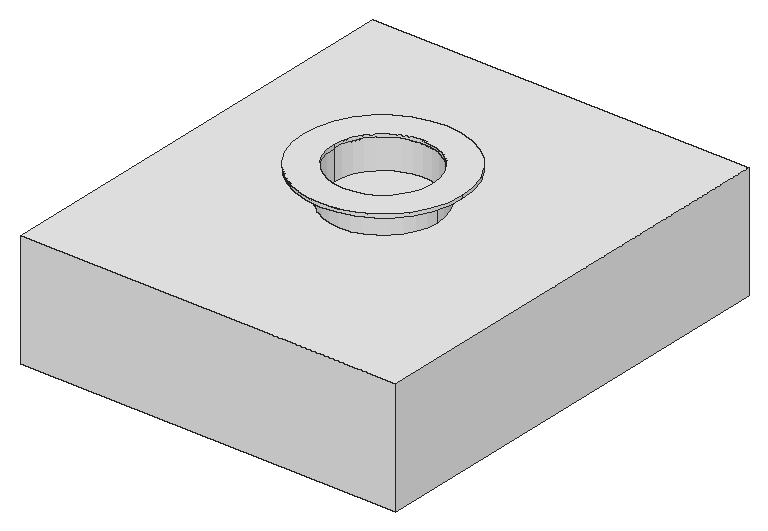
Revit family "Lighting-Recessed-Amerlux-EZRD", category Lighting Fixtures, host Face, Revit 2015
Parameters (values of type "Trim")
  Width = 12 3/16"
  Wattage = 9.2903 W
  built-in parameter 1150110 = 1 (stored number, unit not read)
  Voltage = 0 V
  URL = "http://www.amerlux.com/"
  Trim Size = 4 3/8"
  Trim [instance] = yes
  built-in parameter 1114217 = 1 (stored number, unit not read)
  Tilt Angle = -90.00°
  built-in parameter 1150109 = 1 (stored number, unit not read)
  built-in parameter 1150134 = 3
  built-in parameter 1150113 = 1 (stored number, unit not read)
  Power Factor = 1
  Photometric Web File = "generic"
  Number of Poles = 1
  built-in parameter 1150142 = (empty or 0)
  Model Number = ""
  Model = "EZRD"
  Manufacturer = "Amerlux"
  built-in parameter 1150105 = 109.82 (stored number, unit not read)
  Lumens = 1380 lm
  built-in parameter 1150115 = 1 (stored number, unit not read)
  built-in parameter 1150137 = (empty or 0)
  built-in parameter 1150139 = (empty or 0)
  Length = 14 1/2"
  built-in parameter 1150112 = 1 (stored number, unit not read)
  built-in parameter 1150114 = 1 (stored number, unit not read)
  Lamp = "LED"
  built-in parameter 1150132 = (empty or 0)
  built-in parameter 1150102 = (empty or 0)
  built-in parameter 1150107 = 3200 (stored number, unit not read)
  built-in parameter 1150138 = (empty or 0)
  built-in parameter 1150106 = 1.0982 (stored number, unit not read)
  Height = 4"
  Emit from Circle Diameter = Aperture Size  # 2 3/4"
  Emit Shape Visible in Rendering = no
  built-in parameter 1150104 = 13.8 (stored number, unit not read)
  Dimming Lamp Color Temperature Shift = <None>
  Dimming = ""
  Description = "Shallow Round Downlight"
  Default Elevation = 48"
  Color Filter = 16777215
  built-in parameter 1114218 = 1 (stored number, unit not read)
  built-in parameter 1150133 = 10 (stored number, unit not read)
  Apparent Load = 0 VA
  Aperture Size = 2 3/4"
Types (3): name | Trim
  (no name) | yes
  Trim | yes
  Trimless | no
Reference planes (in)
  plane 1 "Center (Front/Back)": y = 0
  plane 2: z = 0
  plane 3 "Center (Left/Right)": x = 0
  plane 4: x = -7.25
  plane 5: x = 7.25
  plane 6: z = -4
  plane 7: y = 6.09375
  plane 8: y = -6.09375
Forms (in)
  Extrusion 1, solid, material "Housing"
    sketch origin (0, 0, 0) x (1, 0, 0) y (0, 1, 0)
      loop
        line (-5.16548, 6.09375) -> (-5.16548, -6.09375) -> (5.22568, -6.09375) -> (5.22568, 6.09375) -> (-5.16548, 6.09375)
    from -4 to -0.8255
  Extrusion 2, solid, material "Trim Finish", visible <- "Trim"
    sketch origin (0, 0, 0) x (1, 0, 0) y (0, 1, 0)
      loop
        circle (0, 0) r 2.1875
      loop
        circle (0, 0) r 1.375
    from 0 to 0.08709
  Extrusion 3, solid, material "Housing"
    sketch origin (0, 0, 0) x (1, 0, 0) y (0, 1, 0)
      loop
        circle (0, 0) r 1.375
      loop
        circle (0, 0) r 1.5
    from -0.8255 to 0
  Extrusion 4, void
    sketch origin (0, 0, 0) x (1, 0, 0) y (0, 1, 0)
      loop
        circle (0, 0) r 1.375
    from -0.8255 to 0.08709
Cuts and joins
  Extrusion 4 cuts Extrusion 2
Dimensions and locks (in)
  "Height": plane 6 to host face
  "Length": plane 4 to plane 5
  equal spacing: plane 7, plane 1 "Center (Front/Back)", plane 8
  equal spacing: plane 4, plane 3 "Center (Left/Right)", plane 5
  "Width": plane 7 to plane 8
  "Aperture Size": diameter of Extrusion 2 sketch curve
  "Trim Size": diameter of Extrusion 2 sketch curve
  "Aperture Size": diameter of Extrusion 3 sketch curve
  "Aperture Size": diameter of Extrusion 4 sketch curve
  aligned and locked: plane 2 to host face
  aligned and locked: level to host face
  aligned and locked: Extrusion 1 to plane 6
  aligned and locked: Extrusion 1 to plane 8
  aligned and locked: Extrusion 3 to Extrusion 1
  aligned and locked: level to Extrusion 3
  aligned and locked: plane 7 to Extrusion 1
Automatic sketch dimensions
  host sketch curve to host sketch curve = 54.51167"
  host sketch curve to host sketch curve = 52.40009"
  plane 4 to Extrusion 1 sketch curve = 2.08452"
  Extrusion 1 sketch curve to plane 5 = 2.02432"
  Extrusion 1 sketch curve to plane 8 = 0"
  Extrusion 1 sketch curve to plane 7 = 0"
  Extrusion 2 sketch curve to Extrusion 2 sketch curve = 0"  (x2)
  plane 1 "Center (Front/Back)" to Extrusion 2 sketch curve = 0"
  Extrusion 2 sketch curve to plane 3 "Center (Left/Right)" = 0"
  Extrusion 3 sketch curve to Extrusion 3 sketch curve = 0"  (x2)
  plane 1 "Center (Front/Back)" to Extrusion 3 sketch curve = 0"
  Extrusion 3 sketch curve to plane 3 "Center (Left/Right)" = 0"
  plane 1 "Center (Front/Back)" to Extrusion 4 sketch curve = 0"
  Extrusion 4 sketch curve to plane 3 "Center (Left/Right)" = 0"
  radius of Extrusion 3 sketch curve = 1 1/2"
Connectors (in)
  electrical at (0.0301, 0, -4), driven by "Number of Poles", driven by "Voltage", driven by "Apparent Load", driven by "Power Factor"
    settings: on Extrusion 1, index 1, voltage 0 V, apparent load 0 VA, apparent load phase1 0 VA, apparent load phase2 0 VA, apparent load phase3 0 VA, power factor 1, load classification "Other", number of poles 1, system type 31, power factor state 1, is connector primary yes, connector utility no, sub classification motor no, connector description "Power"
